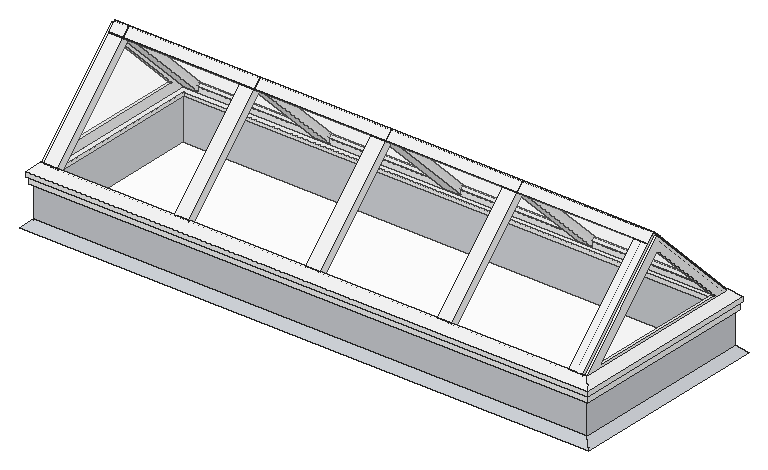
Revit family "Skylight_Architectural_ArtisticSkylight_RidgeGlass", category Windows, host Face, Revit 2026
Family settings
  Host = Face
  Classification Number = 23.30.30.17.21
  Cut with Voids When Loaded = No
  Shared = No
  Room Calculation Point = No
Parameters (values of type "as Specified")
  Width [instance] = 12' - 0"
  Water Penetration = "No Penetration at 12 psf"
  Warranty Duration (Years) = 0
  VLT [instance] = 0
  URL = "http://artisticskylight.com/"
  U-Factor [instance] = 0
  Test Data = "http://artisticskylight.com/technical-resources/"
  Structural Test Pressure = "Glazing +/- 60 psf"
  Standards Conformance = "Class A Type 2 or Type 3"
  Specification = "http://arcat.com/sdspecs/htm/08600asd.htm"
  SpecWizard = ""
  Send Message = "http://arcat.com/users.pl?action=UserEmail&company=Artistic+Skylight+Domes+Ltd.&coid=40563&rep=119&fax=416-747-6630&mf="
  Sales Information = "http://artisticskylight.com/contact-us/"
  SHGC [instance] = 0
  Rough Width [instance] = Width - (Curb Thickness * 2)  # 11' - 9"
  Rough Height = Height - (Curb Thickness * 2)  # 3' - 9"
  Roof Membrane Thickness [instance] = 0' - 0 1/4"
  Revision = "R1_02_2014"
  Pyramid Angle [instance] = 45.00°
  Product Properties = ""
  Product Data = "http://arcat.com/arcatcos/cos40/arc40563.html"
  Model = "G-CU-P-CF-FF-VE x Unlimited"
  Manufacturer Website = "http://artisticskylight.com/"
  Manufacturer Phone - Toll Free = ""
  Manufacturer Phone = "416-747-7233"
  Manufacturer Fax = "416-747-6630"
  Manufacturer Address = "255 Regina Rd.  Vaughan, ON, Canada L4L 8M3"
  Manufacturer = "Artistic Skylight Domes Ltd."
  Maintenance Schedule (Months) = 0
  Keynote = "8600"
  Installation-Fabrication = ""
  Installation Phase = ""
  Height = 4' - 0"
  Green Building-LEED = "http://arcat.com/green/clients/leed_data_40563.html"
  Glazing Tint [instance] = Glass - ArtisticSkylight - Clear
  Frame Material [instance] = Vinyl - ArtisticSkylight - White
  Expected Lifespan (Years) = 0
  Drawn By = "Sumex Design, Inc. / Robert S. Weygant, CSI, CDT, SCIP"
  Description = "Artistic Skylights Fixed Continuous Skylight - Architectural Ridge Glass Model G-CU-P-CF-FF-VE x Unlimited"
  Default Elevation = 0' - 0"
  Cut Depth [instance] = 1' - 2"
  Curb by Others [instance] = yes
  Curb Thickness = 0' - 1 1/2"
  Curb Height [instance] = 1' - 0"
  Cover Material [instance] = Metal - ArtisticSkylight - Aluminum
  Copyright = "©Arcat Inc."
  Construction Details = "http://arcat.com/details/artsky/artsky.html?coid=40563"
  Cant by Others [instance] = yes
  Building Codes = ""
  Assembly Code = "B3020110"
  Air Infiltration = "0.06 cfm"
Reference planes (in)
  plane 1 "Center (Front/Back)": y = 0
  plane 2: z = 0
  plane 3 "Center (Left/Right)": x = 0
  plane 4: y = 22.5
  plane 5: y = -22.5
  plane 6: x = -70.5
  plane 7: x = 70.5
  plane 8: z = 12
  plane 9: y = 24
  plane 10: y = -24
  plane 11: x = 72
  plane 12: x = -72
  plane 13: z = 12.25
  plane 14: z = -14
Forms (in)
  Extrusion 1, solid, visible <- "Curb by Others"
    sketch origin (0, 0, 0) x (1, 0, 0) y (0, 1, 0)
      loop
        line (-70.5, 22.5) -> (-70.5, -22.5) -> (70.5, -22.5) -> (70.5, 22.5) -> (-70.5, 22.5)
      loop
        line (-72, 24) -> (-72, -24) -> (72, -24) -> (72, 24) -> (-72, 24)
    from 0 to 12
  Extrusion 2, void
    sketch origin (0, 0, 0) x (1, 0, 0) y (0, 1, 0)
      loop
        line (-70.5, 22.5) -> (-70.5, -22.5) -> (70.5, -22.5) -> (70.5, 22.5) -> (-70.5, 22.5)
    from -14 to 0
  Sweep 3, solid, visible <- "Cant by Others"
    path origin (0, 0, 0) x (1, 0, 0) y (0, 1, 0)
      loop
        line (-72, 24) -> (-72, -24) -> (72, -24) -> (72, 24) -> (-72, 24)
    profile origin (0, 24, 0) x (0, 1, 0) y (0, 0, 1)
      loop
        line (0, 0) -> (2, 0) -> (0, 2) -> (0, 0)
Dimensions and locks (in)
  "Curb Height": plane 8 to level
  equal spacing: plane 4, plane 1 "Center (Front/Back)", plane 5
  "Height": plane 9 to plane 10
  equal spacing: plane 6, plane 3 "Center (Left/Right)", plane 7
  "Width": plane 12 to plane 11
  "Curb Thickness": plane 9 to plane 4
  "Curb Thickness": plane 5 to plane 10
  "Curb Thickness": plane 7 to plane 11
  "Curb Thickness": plane 12 to plane 6
  "Roof Membrane Thickness": plane 13 to plane 8
  "Cut Depth": level to plane 14
  aligned and locked: host face to plane 2
  aligned and locked: host face to level
  aligned and locked: Extrusion 1 sketch curve to plane 6
  aligned and locked: Extrusion 1 sketch curve to plane 12
  aligned and locked: Extrusion 1 sketch curve to plane 7
  aligned and locked: Extrusion 1 sketch curve to plane 11
  aligned and locked: Extrusion 1 sketch curve to plane 9
  aligned and locked: Extrusion 1 sketch curve to plane 4
  aligned and locked: Extrusion 1 sketch curve to plane 5
  aligned and locked: Extrusion 1 sketch curve to plane 10
  aligned and locked: Extrusion 2 sketch curve to plane 5
  aligned and locked: Extrusion 2 sketch curve to plane 7
  aligned and locked: Extrusion 2 sketch curve to plane 6
  aligned and locked: Extrusion 2 sketch curve to plane 4
  aligned and locked: level to Extrusion 2
  aligned and locked: Extrusion 2 to plane 14
  aligned and locked: plane 8 to Extrusion 1
  aligned and locked: Sweep 3 sketch curve to plane 11
  aligned and locked: Sweep 3 sketch curve to plane 10
  aligned and locked: Sweep 3 sketch curve to plane 12
  aligned and locked: Sweep 3 sketch curve to plane 9
  aligned and locked: plane 3 "Center (Left/Right)" to nested 1
Automatic sketch dimensions
  host sketch curve to host sketch curve = 8' - 0"
  Sweep 3 sketch curve to level = 0' - 0"
  Sweep 3 sketch curve to profile plane = 0' - 0"
  Sweep 3 sketch curve to profile plane = 0' - 2"
  level to Sweep 3 sketch curve = 0' - 2"
  host sketch curve to host sketch curve = 16' - 0"
Nested families (in)
  nested 1: "StructuralRidge" at (0, 0, 12), Width <- "Width", Height <- "Height", curb width <- "Curb Thickness", glazing tint <- "Glazing Tint", frame material <- "Frame Material", pyramidangle <- "Pyramid Angle", type "StructuralRidge"
    with widthcross 16' - 11.35769", rafter count 5, pyramidheight 1' - 11 57/256", pyramidangle 45.00°, pyramdistep 0' - 1 185/256", halfwidth 2' - 0", glazing tint Glass - ArtisticSkylight - Clear, frame material Vinyl - ArtisticSkylight - White, curb width 0' - 1 1/2", cover material none, Width 12' - 0", Height 4' - 0"
Definition of nested family "StructuralRidge"
  Parameters
    widthcross [instance] = Width * sqrt(2) - (0' 0 37/256" * 2)  # 16' - 11.35769"
    rafter count [instance] = if((Width / 4' 0") < 2, 2, Width / 4' 0" + 2)  # 5
    pyramidheight [instance] = ((Height - (0' 0 231/256" * 2)) / 2) * tan(pyramidangle) + 0' 0 1/8"  # 1' - 8.4994"
    pyramidangle [instance] = 35.00°
    pyramdistep [instance] = tan(pyramidangle) * 0' 1 185/256"  # 0' - 1.20622"
    halfwidth [instance] = Height / 2  # 2' - 6"
    glazing tint [instance] = none
    frame material [instance] = none
    curb width [instance] = 0' - 1 1/2"
    cover material [instance] = none
    Width [instance] = 12' - 0"
    Warranty Duration (Years) = 0
    URL = ""
    Specification = ""
    SpecWizard = ""
    Send Message = ""
    Sales Information = ""
    Revision = "R1_01-2014"
    Product Properties = ""
    Product Data = ""
    Model = "As Specified"
    Manufacturer Website = ""
    Manufacturer Phone - Toll Free = ""
    Manufacturer Phone = ""
    Manufacturer Fax = ""
    Manufacturer Address = ""
    Manufacturer = ""
    Maintenance Schedule (Months) = 0
    Keynote = ""
    Installation-Fabrication = ""
    Installation Phase = ""
    Height [instance] = 5' - 0"
    Green Building-LEED = ""
    Expected Lifespan (Years) = 0
    Drawn By = "Sumex Design, Inc. / Robert S. Weygant, CSI, CDT, SCIP"
    Description = ""
    Default Elevation = 0' - 0"
    Copyright = "©Arcat Inc."
    Construction Details = ""
    Assembly Code = ""
  Reference planes (in)
    plane 1 "Center (Front/Back)": y = 0
    plane 2 "Bottom": z = 0
    plane 3 "Center (Left/Right)": x = 0
    plane 4 "Front": y = -30
    plane 5 "Back": y = 30
    plane 6 "Left": x = -72
    plane 7 "Right": x = 72
    plane 8: x = 70.5
    plane 9: x = -70.5
    plane 10: y = 28.5
    plane 11: y = -28.5
    plane 12: y = 0
    plane 13: x = 0
    plane 14: z = 3.18703
    plane 15: z = 23.68643
    plane 16: z = 19.93643
    plane 17: z = 1.72267
    plane 18: z = 22.5341
    plane 19: z = 21.7841
    plane 20: x = -70.25
    plane 21: x = 70.25
    plane 22: x = -68.375
    plane 23: x = 68.375
    plane 24: x = -66.5
    plane 25: x = 66.5
    plane 26: x = -73.1875
    plane 27: x = 73.1875
    plane 28: x = 71.09618
    plane 29: x = -71.09766
    plane 30: y = 31.1875
    plane 31: y = 29.09766
    plane 32: y = -31.1875
    plane 33: y = -29.09766
    plane 34: z = 1
  Forms (in)
    Extrusion 1, solid, material <- "frame material"
      sketch origin (0, 0, 0) x (0, 1, 0) y (0, 0, 1)
        loop
          line (0, 23.5619) -> (2.75399, 21.63354) -> (2.8125, 21.7171) -> (0, 23.68643) -> (-2.8125, 21.7171) -> (-2.75399, 21.63354) -> (0, 23.5619)
      from -70.25 to 70.25
    Sweep 2, solid, material <- "frame material"
      path origin (0, 0, 0) x (1, 0, 0) y (0, 1, 0)
        loop
          line (-72, 30) -> (-72, -30) -> (72, -30) -> (72, 30) -> (-72, 30)
      profile "StructuralRidgeFrame : StructuralRidgeFrame" origin (0, 30, 0) x (0, 1, 0) y (0, 0, 1)
        loop
          line (-3, 0) -> (0.4375, 0) -> (0.4375, -1.75) -> (0.75, -1.75) -> (0.75, -0.0625) -> (1.1875, -0.0625) -> (1.1875, 1.72267) -> (-0.90382, 3.18703) -> (-1.66098, 2.10569) -> (-1.66098, 1) -> (-3, 1) -> (-3, 0)
    Extrusion 3, solid, material <- "frame material"
      sketch origin (71.09618, 27.87676, 47.85654) x (0, -1, 0) y (0, 0, 1)
        loop
          line (57.87676, -46.13388) -> (27.87676, -25.12766) -> (-2.12324, -46.13388) -> (-2.12324, -46.85654) -> (57.87676, -46.85654) -> (57.87676, -46.13388)
        loop
          line (50.97984, -44.35654) -> (27.87676, -28.1796) -> (4.77369, -44.35654) -> (50.97984, -44.35654)
      from 0 to 0.84618
    Extrusion 4, solid, material <- "frame material"
      sketch origin (-71.09618, 27.87676, 47.85654) x (0, -1, 0) y (0, 0, -1)
        loop
          line (57.87676, 46.13387) -> (57.87676, 46.85654) -> (-2.12324, 46.85654) -> (-2.12324, 46.13387) -> (27.87676, 25.12764) -> (57.87676, 46.13387)
        loop
          line (27.87676, 28.17958) -> (50.97986, 44.35654) -> (4.77367, 44.35654) -> (27.87676, 28.17958)
      from -0.00148 to 0.84618
    Extrusion 5, solid, material <- "glazing tint"
      sketch origin (70.25, 0, 48) x (0, -1, 0) y (0, 0, 1)
        loop
          line (0, -26.02112) -> (-28.92887, -46.27733) -> (-28.92887, -47) -> (28.92887, -47) -> (28.92887, -46.27733) -> (0, -26.02112)
      from 0 to -0.75
    Extrusion 6, solid, material <- "glazing tint"
      sketch origin (-70.25, 0, 48) x (0, -1, 0) y (0, 0, 1)
        loop
          line (0, -26.02112) -> (-28.92887, -46.27733) -> (-28.92887, -47) -> (28.92887, -47) -> (28.92887, -46.27733) -> (0, -26.02112)
      from 0 to 0.75
    Extrusion 7, solid, material <- "glazing tint"
      sketch origin (0, 0, 0) x (0, 1, 0) y (0, 0, 1)
        loop
          line (0, 23.10411) -> (-29.09766, 2.72971) -> (-28.66747, 2.11535) -> (0, 22.18853) -> (28.66747, 2.11535) -> (29.09766, 2.72971) -> (0, 23.10411)
      from -68.375 to 68.375
  Dimensions and locks (in)
    "Width": plane 6 "Left" to plane 7 "Right"
    "Height": plane 5 "Back" to plane 4 "Front"
    "curb width": plane 8 to plane 7 "Right"
    "curb width": plane 6 "Left" to plane 9
    "curb width": plane 5 "Back" to plane 10
    "curb width": plane 11 to plane 4 "Front"
    equal spacing: plane 5 "Back", plane 12, plane 4 "Front"
    locked: plane 14 to level at 3.18703
    "pyramidheight": plane 15 to plane 14
    locked: plane 16 to plane 15 at 3.75
    locked: plane 15 to plane 18 at 1.15233
    locked: plane 18 to plane 19 at 0.75
    locked: plane 6 "Left" to plane 20 at 1.75
    locked: plane 21 to plane 7 "Right" at 1.75
    equal spacing: group 1, group 3, group 4, group 5, group 2  (x3)
    locked: plane 20 to plane 22 at 1.875
    locked: plane 23 to plane 21 at 1.875
    Extrusion 1 sketch curve to Extrusion 1 sketch curve to plane 15 = 0' - 0.08356" locked, 0' - 1.96933" locked  (x2)
    locked: plane 22 to plane 24 at 1.875
    locked: plane 25 to plane 23 at 1.875
    locked: Extrusion 1 sketch curve to plane 15 at 0.12453
    locked: plane 26 to plane 6 "Left" at 1.1875
    locked: plane 7 "Right" to plane 27 at 1.1875
    locked: plane 28 to plane 27 at 2.09132
    locked: plane 26 to plane 29 at 2.08984
    locked: plane 30 to plane 5 "Back" at 1.1875
    locked: plane 4 "Front" to plane 32 at 1.1875
    locked: plane 31 to plane 30 at 2.08984
    locked: plane 32 to plane 33 at 2.08984
    locked: plane 34 to level at 1
    plane 4 "Front" to plane 33 = 0' - 0 231/256"
    locked: Extrusion 4 sketch curve to Extrusion 4 sketch curve at 2.5  (x2)
    locked: plane 34 to Extrusion 4 sketch curve at 2.5
    locked: Extrusion 3 sketch curve to Extrusion 3 sketch curve at 2.5  (x2)
    locked: plane 34 to Extrusion 3 sketch curve at 2.5
    locked: plane 33 to Extrusion 6 sketch curve at 0.16879
    locked: Extrusion 6 sketch curve to plane 31 at 0.16879
    locked: Extrusion 5 sketch curve to plane 31 at 0.16879
    locked: plane 33 to Extrusion 5 sketch curve at 0.16879
    locked: Extrusion 7 sketch curve to Extrusion 7 sketch curve at 0.75  (x2)
    "pyramidangle": angle Extrusion 1 sketch curve to level  (x2)
    "pyramidangle": angle level to Extrusion 1 sketch curve  (x2)
    "pyramidangle": angle level to Extrusion 3 sketch curve  (x2)
    "pyramidangle": angle Extrusion 3 sketch curve to level  (x2)
    "pyramidangle": angle Extrusion 4 sketch curve to level  (x2)
    "pyramidangle": angle level to Extrusion 4 sketch curve  (x2)
    "pyramidangle": angle plane 17 to Extrusion 5 sketch curve
    "pyramidangle": angle Extrusion 5 sketch curve to plane 17
    "pyramidangle": angle Extrusion 6 sketch curve to plane 34
    "pyramidangle": angle plane 17 to Extrusion 6 sketch curve
    "pyramidangle": angle Extrusion 7 sketch curve to level  (x2)
    "pyramidangle": angle level to Extrusion 7 sketch curve  (x2)
    aligned and locked: nested 1 to plane 22
    aligned and locked: nested 2 to plane 23
    aligned: Extrusion 1 to plane 24
    aligned: plane 25 to Extrusion 1
    aligned and locked: Sweep 2 sketch curve to plane 7 "Right"
    aligned and locked: Sweep 2 sketch curve to plane 5 "Back"
    aligned and locked: Sweep 2 sketch curve to plane 6 "Left"
    aligned and locked: Sweep 2 sketch curve to plane 4 "Front"
    aligned and locked: Extrusion 3 to plane 28
    aligned and locked: plane 5 "Back" to Extrusion 3 sketch curve
    aligned and locked: plane 34 to Extrusion 3 sketch curve
    aligned and locked: plane 4 "Front" to Extrusion 3 sketch curve
    aligned and locked: plane 20 to Extrusion 1
    aligned and locked: Extrusion 1 to plane 21
    aligned and locked: Extrusion 4 sketch curve to plane 4 "Front"
    aligned and locked: Extrusion 4 sketch curve to plane 34
    aligned and locked: Extrusion 4 sketch curve to plane 5 "Back"
    aligned and locked: plane 29 to Extrusion 4
    aligned and locked: Extrusion 4 to plane 20
    aligned and locked: plane 21 to Extrusion 3
    aligned and locked: Extrusion 3 sketch curve to nested 1
    aligned and locked: plane 17 to Extrusion 4 sketch curve  (x2)
    aligned and locked: plane 17 to Extrusion 5 sketch curve  (x2)
    aligned and locked: Extrusion 5 sketch curve to plane 34
    aligned and locked: plane 17 to Extrusion 6 sketch curve  (x2)
    aligned and locked: plane 34 to Extrusion 6 sketch curve
    aligned and locked: plane 31 to Extrusion 7 sketch curve
    aligned and locked: plane 33 to Extrusion 7 sketch curve
    aligned and locked: plane 23 to Extrusion 7
    aligned and locked: Extrusion 7 to plane 22
  Automatic sketch dimensions
    Extrusion 1 sketch curve to plane 1 "Center (Front/Back)" = 0' - 0"
    Extrusion 3 sketch curve to plane 1 "Center (Front/Back)" = 0' - 0"
    Extrusion 7 sketch curve to plane 1 "Center (Front/Back)" = 0' - 0"
    Extrusion 7 sketch curve to plane 14 = 0' - 0.45732"
  Nested families (in)
    nested 1: "StructuralRidgeMember" at (-68.375, 0, 0), pyramidangle <- "pyramidangle", Height <- "Height", frame material <- "frame material", curb width <- "curb width", type "StructuralRidgeMember"
      with pyramidheight 0' - 1.7177", pyramidangle 35.00°, glazing tint none, frame material none, curb width 0' - 1 1/2", cover material none, Width 0' - 3 3/4", Height 5' - 0"
    nested 2: "StructuralRidgeMember" at (68.375, 0, 0), pyramidangle <- "pyramidangle", Height <- "Height", frame material <- "frame material", curb width <- "curb width", type "StructuralRidgeMember"
      with pyramidheight 0' - 1.7177", pyramidangle 35.00°, glazing tint none, frame material none, curb width 0' - 1 1/2", cover material none, Width 0' - 3 3/4", Height 5' - 0"
    nested 3: "StructuralRidgeMember" at (-34.1875, 0, 0), pyramidangle <- "pyramidangle", Height <- "Height", frame material <- "frame material", curb width <- "curb width", type "StructuralRidgeMember"
      with pyramidheight 0' - 1.7177", pyramidangle 35.00°, glazing tint none, frame material none, curb width 0' - 1 1/2", cover material none, Width 0' - 3 3/4", Height 5' - 0"
    nested 4: "StructuralRidgeMember" at (0, 0, 0), pyramidangle <- "pyramidangle", Height <- "Height", frame material <- "frame material", curb width <- "curb width", type "StructuralRidgeMember"
      with pyramidheight 0' - 1.7177", pyramidangle 35.00°, glazing tint none, frame material none, curb width 0' - 1 1/2", cover material none, Width 0' - 3 3/4", Height 5' - 0"
    nested 5: "StructuralRidgeMember" at (34.1875, 0, 0), pyramidangle <- "pyramidangle", Height <- "Height", frame material <- "frame material", curb width <- "curb width", type "StructuralRidgeMember"
      with pyramidheight 0' - 1.7177", pyramidangle 35.00°, glazing tint none, frame material none, curb width 0' - 1 1/2", cover material none, Width 0' - 3 3/4", Height 5' - 0"
  Definition of nested family "StructuralRidgeMember"
    Parameters
      pyramidheight [instance] = ((Width + (0' 0 37/64" * 2)) / 2) * tan(pyramidangle)  # 0' - 1.7177"
      pyramidangle [instance] = 35.00°
      glazing tint [instance] = none
      frame material [instance] = none
      curb width [instance] = 0' - 1 1/2"
      cover material [instance] = none
      Width [instance] = 0' - 3 3/4"
      Warranty Duration (Years) = 0
      URL = ""
      Specification = ""
      SpecWizard = ""
      Send Message = ""
      Sales Information = ""
      Revision = "R1_01-2014"
      Product Properties = ""
      Product Data = ""
      Model = "As Specified"
      Manufacturer Website = ""
      Manufacturer Phone - Toll Free = ""
      Manufacturer Phone = ""
      Manufacturer Fax = ""
      Manufacturer Address = ""
      Manufacturer = ""
      Maintenance Schedule (Months) = 0
      Keynote = ""
      Installation-Fabrication = ""
      Installation Phase = ""
      Height [instance] = 4' - 0"
      Green Building-LEED = ""
      Expected Lifespan (Years) = 0
      Drawn By = "Sumex Design, Inc. / Robert S. Weygant, CSI, CDT, SCIP"
      Description = ""
      Default Elevation = 0' - 0"
      Copyright = "©Arcat Inc."
      Construction Details = ""
      Assembly Code = ""
    Reference planes (in)
      plane 1 "Center (Front/Back)": y = 0
      plane 2 "Bottom": z = 0
      plane 3 "Center (Left/Right)": x = 0
      plane 4 "Front": y = -24
      plane 5 "Back": y = 24
      plane 6 "Left": x = -1.875
      plane 7 "Right": x = 1.875
      plane 8 "Top": z = 32
      plane 9: y = 22.5
      plane 10: y = -22.5
      plane 11: z = 1.72266
      plane 12: z = 3.1875
    Forms (in)
      Extrusion 1, solid, material <- "frame material"
        sketch origin (0, 0, 0) x (0, 1, 0) y (0, 0, 1)
          loop
            line (0, 16.76499) -> (22.51474, 1) -> (23.09766, 1) -> (23.09766, 3.1875) -> (0, 19.36065) -> (-23.09766, 3.1875) -> (-23.09766, 1) -> (-22.51474, 1) -> (0, 16.76499)
        from -1.875 to 1.875
    Dimensions and locks (in)
      equal spacing: plane 6 "Left", plane 3 "Center (Left/Right)", plane 7 "Right"
      "Width": plane 6 "Left" to plane 7 "Right"
      equal spacing: plane 5 "Back", plane 1 "Center (Front/Back)", plane 4 "Front"
      "Height": plane 5 "Back" to plane 4 "Front"
      locked: plane 8 "Top" to level at 32
      "curb width": plane 5 "Back" to plane 9
      "curb width": plane 10 to plane 4 "Front"
      locked: plane 11 to level at 1.72266
      locked: plane 12 to level at 3.1875
      locked: plane 4 "Front" to Extrusion 1 sketch curve at 0.90234
      locked: Extrusion 1 sketch curve to level at 1  (x2)
      locked: Extrusion 1 sketch curve to plane 5 "Back" at 0.90234
      "pyramidangle": angle Extrusion 1 sketch curve to level  (x2)
      "pyramidangle": angle level to Extrusion 1 sketch curve  (x2)
      aligned and locked: Extrusion 1 to plane 6 "Left"
      aligned and locked: Extrusion 1 to plane 7 "Right"
      aligned and locked: plane 12 to Extrusion 1 sketch curve  (x2)
    Automatic sketch dimensions
      Extrusion 1 sketch curve to plane 1 "Center (Front/Back)" = 0' - 0"
      Extrusion 1 sketch curve to plane 10 = 0' - 0.01474"
